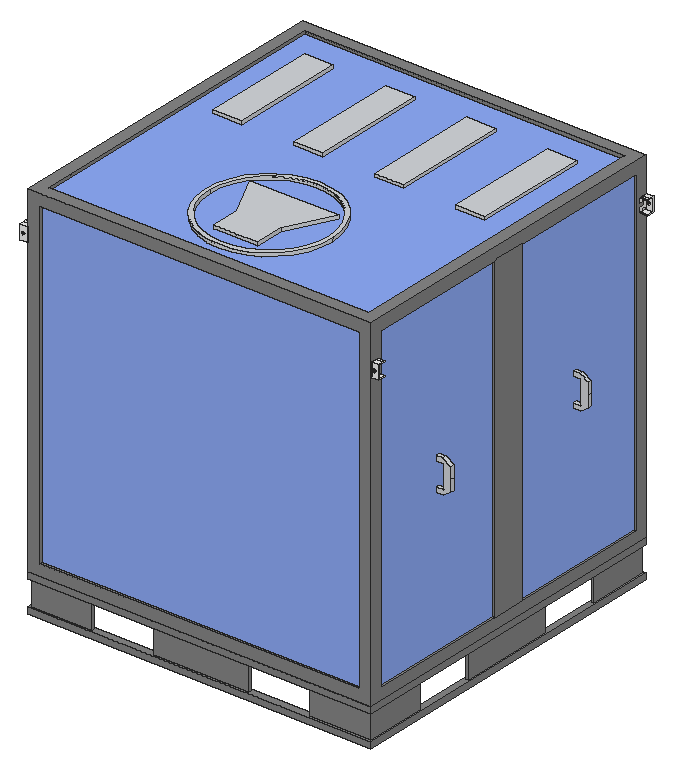
Revit family "11. Секция шумоглушения ANR H1", category Оборудование, Revit 2016
Family settings
  Тип детали = Нормальный
  Размер круглого соединителя = Использовать диаметр
  На основе рабочей плоскости = Нет
  Всегда вертикально = Да
  При загрузке вырезать с полостями = Нет
  Общий = Нет
  Точка расчета площади = Нет
Parameters (values of type "ANR 6 H1")
  №8 = no
  №7 = no
  №6 = yes
  №45 = no
  №40 = no
  №35 = no
  №30 = no
  №25 = no
  №12 = no
  Ширина = А - 75 mm  # 1025 mm
  Синий = Синий
  Середина = h + Б1 / 2  # 670 mm
  Д1 = Д - 20 mm  # 1080 mm
  Д = 1100 mm  # constant formula
  ножки(да/нет) [instance] = no
  Высота = Б - 75 mm  # 1025 mm
  Б1 = Б - 20 mm  # 1080 mm
  А1 = А - 20 mm  # 1080 mm
  А = 1100 mm
  высота ножек = 120 mm
  Б = 1100 mm
  Частотный преобразователь [instance] = no
  Частота вращения n, об/мин = ""
  Тип, марка, обозначение = "ANR 6 H1"
  Сила тока J, А = ""
  Регулятор расхода [instance] = no
  Раздел = "ОВ"
  Примечание = ""
  Позиция = ""
  Напряжение U,В = ""
  Наименование и тех.хар-ка = "Секция шумоглушения"  # constant formula
  Мощность двигателя N,Вт = ""
  Материал = Сталь серая
  Масса единицы = ""
  Код, оборудования = ""
  Ключевая пометка = "Вентиляция"
  Задание электрикам [instance] = no
  Задание автоматчикам [instance] = no
  Завод изготовитель = "KORF"  # constant formula
  Единица измерения = "шт."  # constant formula
  h = высота ножек + 10 mm  # 130 mm
  №20 = no
Reference planes
  plane 1 "По центру (Вперед/Назад)": y = 0
  plane 2: z = 0
  plane 3 "По центру (Влево/Вправо)": x = 0
  plane 4: x = -540
  plane 5: x = 540
  plane 6: y = 540
  plane 7: y = -540
  plane 8: z = 1210
  plane 9: z = 130
  plane 10: y = -152
  plane 11: z = 670
  plane 12: y = 52.808
  plane 13: y = -52.808
  plane 14: y = 270
  plane 15: y = -270
  plane 16: z = 1110
  plane 17: x = 574.5
  plane 18: x = 590
Forms (mm)
  Extrusion 1, solid, material "Синий" <- "Синий", detail levels fine
    sketch origin (0, 0, 50) x (1, 0, 0) y (0, 1, 0)
      loop
        line (-540, 540) -> (-540, -540) -> (540, -540) -> (540, 540) -> (-540, 540)
    from 80 to 1160
  Sweep 2, solid, material "Сталь серая" <- "Материал", detail levels fine
    path origin (540, -540, 50) x (-1, 0, 0) y (0, 0, -1)
      loop
        line (0, -1160) -> (1080, -1160) -> (1080, -80) -> (0, -80) -> (0, -1160)
    profile "Профиль уголок 10х10 : Профиль уголок 10х10" origin (0, -540, 1210) x (0, 0, -1) y (0, -1, 0)
      loop
        line (0, -27.5) -> (0, 0) -> (27.5, 0) -> (27.5, 10) -> (-10, 10) -> (-10, -27.5) -> (0, -27.5)
  Sweep 3, solid, material "Сталь серая" <- "Материал", detail levels fine
    path origin (-540, 540, 50) x (1, 0, 0) y (0, 0, -1)
      loop
        line (0, -1160) -> (1080, -1160) -> (1080, -80) -> (0, -80) -> (0, -1160)
    profile "Профиль уголок 10х10 : Профиль уголок 10х10" origin (0, 540, 1210) x (0, 0, -1) y (0, 1, 0)
      loop
        line (0, -27.5) -> (0, 0) -> (27.5, 0) -> (27.5, 10) -> (-10, 10) -> (-10, -27.5) -> (0, -27.5)
  Sweep 4, solid, material "Сталь серая" <- "Материал", detail levels fine
    path origin (540, 540, 50) x (0, -1, 0) y (0, 0, -1)
      loop
        line (0, -1160) -> (1080, -1160) -> (1080, -80) -> (0, -80) -> (0, -1160)
    profile "Профиль уголок 10х10 : Профиль уголок 10х10" origin (540, 0, 1210) x (0, 0, -1) y (1, 0, 0)
      loop
        line (0, -27.5) -> (0, 0) -> (27.5, 0) -> (27.5, 10) -> (-10, 10) -> (-10, -27.5) -> (0, -27.5)
  Sweep 5, solid, material "Сталь серая" <- "Материал", detail levels fine
    path origin (-540, -540, 50) x (0, 1, 0) y (0, 0, -1)
      loop
        line (0, -1160) -> (1080, -1160) -> (1080, -80) -> (0, -80) -> (0, -1160)
    profile "Профиль уголок 10х10 : Профиль уголок 10х10" origin (-540, 0, 1210) x (0, 0, -1) y (-1, 0, 0)
      loop
        line (0, -27.5) -> (0, 0) -> (27.5, 0) -> (27.5, 10) -> (-10, 10) -> (-10, -27.5) -> (0, -27.5)
  Extrusion 6, void, not visible
    sketch origin (-345, -245, 50) x (0, -1, 0) y (0, 0, -1)
      loop
        line (-477.965, -475) -> (-477.965, -450) -> (-528.913, -450) -> (-528.913, -475) -> (-477.965, -475)
    from -47.452 to 12
  Sweep 7, solid, material "Сталь серая" <- "Материал", detail levels fine
    path origin (0, 0, 0) x (1, 0, 0) y (0, 1, 0)
      loop
        line (-540, 540) -> (-540, -540) -> (540, -540) -> (540, 540) -> (-540, 540)
    profile "Семейство1 : Семейство1" origin (0, 540, 0) x (0, 1, 0) y (0, 0, 1)
      loop
        line (-10, 120) -> (-10, 100) -> (-3.38, 100) -> (-3.38, 20) -> (-10, 20) -> (-10, 0) -> (10, 0) -> (10, 20) -> (3.38, 20) -> (3.38, 100) -> (10, 100) -> (10, 120) -> (-10, 120)
  Extrusion 8, void
    sketch origin (0, 0, 0) x (1, 0, 0) y (0, 0, 1)
      loop
        line (152.369, 100) -> (152.369, 20) -> (348.798, 20) -> (348.798, 100) -> (152.369, 100)
      loop
        line (-152.369, 100) -> (-348.798, 100) -> (-348.798, 20) -> (-152.369, 20) -> (-152.369, 100)
    from -550 to 550
  Extrusion 9, void
    sketch origin (0, 0, 0) x (0, 1, 0) y (0, 0, 1)
      loop
        line (-152.418, 100) -> (-348.655, 100) -> (-348.655, 20) -> (-152.418, 20) -> (-152.418, 100)
      loop
        line (152.418, 100) -> (152.418, 20) -> (348.655, 20) -> (348.655, 100) -> (152.418, 100)
    from -550 to 1700
  Extrusion 10, solid, material "Сталь серая" <- "Материал", detail levels fine
    sketch origin (560, 0, 0) x (0, 1, 0) y (0, 0, 1)
      loop
        line (-52.808, 1182.5) -> (-52.808, 157.5) -> (52.808, 157.5) -> (52.808, 1182.5) -> (-52.808, 1182.5)
    from -10 to -20
  Extrusion 11, solid, detail levels fine
    sketch origin (0, 0, 0) x (1, 0, 0) y (0, 1, 0)
      loop
        line (-440.347, 420.389) -> (-440.347, 52.808) -> (-347.692, 52.808) -> (-347.692, 420.389) -> (-440.347, 420.389)
      loop
        line (-180.347, 420.389) -> (-180.347, 52.808) -> (-87.692, 52.808) -> (-87.692, 420.389) -> (-180.347, 420.389)
      loop
        line (79.653, 420.389) -> (79.653, 52.808) -> (172.308, 52.808) -> (172.308, 420.389) -> (79.653, 420.389)
      loop
        line (339.653, 420.389) -> (339.653, 52.808) -> (432.308, 52.808) -> (432.308, 420.389) -> (339.653, 420.389)
      loop
        circle (0, -270.878) r 190.121
      loop
        circle (0, -270.878) r 203.182
      loop
        line (0, -403.146) -> (70, -403.146) -> (70, -313.146) -> (142.638, -170.585) -> (0, -170.585) -> (-142.638, -170.585) -> (-70, -313.146) -> (-70, -403.146) -> (0, -403.146)
    from 1210 to 1220
Cuts and joins
  joined: Sweep 2, Sweep 3, Sweep 4, Sweep 5
  Extrusion 8, Extrusion 9 cuts Sweep 7
Lines and regions (mm)
  model lines, detail levels coarse
    curve 1: line (-550, 550, 0) -> (550, 550, 0)
    curve 2: line (-550, -550, 0) -> (-550, 550, 0)
    curve 3: line (550, -550, 0) -> (-550, -550, 0)
    curve 4: line (550, 550, 0) -> (550, -550, 0)
    curve 5: line (-431.873, 458.431, 0) -> (-351.873, 458.431, 0)
    curve 6: line (-431.873, -101.569, 0) -> (-431.873, 458.431, 0)
    curve 7: line (-351.873, -101.569, 0) -> (-431.873, -101.569, 0)
    curve 8: line (-351.873, 458.431, 0) -> (-351.873, -101.569, 0)
    curve 9: line (-278.071, 458.431, 0) -> (-199.461, 458.431, 0)
    curve 10: line (-278.071, -101.569, 0) -> (-278.071, 458.431, 0)
    curve 11: line (-199.461, -101.569, 0) -> (-278.071, -101.569, 0)
    curve 12: line (-199.461, 458.431, 0) -> (-199.461, -101.569, 0)
    curve 13: line (-125.66, 458.431, 0) -> (-47.05, 458.431, 0)
    curve 14: line (-125.66, -101.569, 0) -> (-125.66, 458.431, 0)
    curve 15: line (-47.05, -101.569, 0) -> (-125.66, -101.569, 0)
    curve 16: line (-47.05, 458.431, 0) -> (-47.05, -101.569, 0)
    curve 17: line (431.873, 458.431, 0) -> (351.873, 458.431, 0)
    curve 18: line (431.873, -101.569, 0) -> (431.873, 458.431, 0)
    curve 19: line (351.873, -101.569, 0) -> (431.873, -101.569, 0)
    curve 20: line (351.873, 458.431, 0) -> (351.873, -101.569, 0)
    curve 21: line (278.071, 458.431, 0) -> (199.461, 458.431, 0)
    curve 22: line (278.071, -101.569, 0) -> (278.071, 458.431, 0)
    curve 23: line (199.461, -101.569, 0) -> (278.071, -101.569, 0)
    curve 24: line (199.461, 458.431, 0) -> (199.461, -101.569, 0)
    curve 25: line (125.66, 458.431, 0) -> (47.05, 458.431, 0)
    curve 26: line (125.66, -101.569, 0) -> (125.66, 458.431, 0)
    curve 27: line (47.05, -101.569, 0) -> (125.66, -101.569, 0)
    curve 28: line (47.05, 458.431, 0) -> (47.05, -101.569, 0)
    curve 29: circle (0, -291.159, 0) r 185 normal (0, 0, 1)
    curve 30: line (-154.765, -189.804, 0) -> (154.765, -189.804, 0)
    curve 31: line (-70, -427.418, 0) -> (0, -427.418, 0)
    curve 32: line (0, -427.418, 0) -> (70, -427.418, 0)
    curve 33: line (70, -427.418, 0) -> (70, -326.19, 0)
    curve 34: line (70, -326.19, 0) -> (154.765, -189.804, 0)
    curve 35: line (-70, -427.418, 0) -> (-70, -326.19, 0)
    curve 36: line (-70, -326.19, 0) -> (-154.765, -189.804, 0)
  model lines, not visible, detail levels coarse
    curve 37: line (-431.873, 474.312, -2420) -> (-351.873, 474.312, -2420)
    curve 38: line (-431.873, -85.688, -2420) -> (-431.873, 474.312, -2420)
    curve 39: line (-351.873, -85.688, -2420) -> (-431.873, -85.688, -2420)
    curve 40: line (-351.873, 474.312, -2420) -> (-351.873, -85.688, -2420)
    curve 41: line (-278.071, 474.312, -2420) -> (-199.461, 474.312, -2420)
    curve 42: line (-278.071, -85.688, -2420) -> (-278.071, 474.312, -2420)
    curve 43: line (-199.461, -85.688, -2420) -> (-278.071, -85.688, -2420)
    curve 44: line (-199.461, 474.312, -2420) -> (-199.461, -85.688, -2420)
    curve 45: line (-125.66, 474.312, -2420) -> (-47.05, 474.312, -2420)
    curve 46: line (-125.66, -85.688, -2420) -> (-125.66, 474.312, -2420)
    curve 47: line (-47.05, -85.688, -2420) -> (-125.66, -85.688, -2420)
    curve 48: line (-47.05, 474.312, -2420) -> (-47.05, -85.688, -2420)
    curve 49: line (431.873, 474.312, -2420) -> (351.873, 474.312, -2420)
    curve 50: line (431.873, -85.688, -2420) -> (431.873, 474.312, -2420)
    curve 51: line (351.873, -85.688, -2420) -> (431.873, -85.688, -2420)
    curve 52: line (351.873, 474.312, -2420) -> (351.873, -85.688, -2420)
    curve 53: line (278.071, 474.312, -2420) -> (199.461, 474.312, -2420)
    curve 54: line (278.071, -85.688, -2420) -> (278.071, 474.312, -2420)
    curve 55: line (199.461, -85.688, -2420) -> (278.071, -85.688, -2420)
    curve 56: line (199.461, 474.312, -2420) -> (199.461, -85.688, -2420)
    curve 57: line (125.66, 474.312, -2420) -> (47.05, 474.312, -2420)
    curve 58: line (125.66, -85.688, -2420) -> (125.66, 474.312, -2420)
    curve 59: line (47.05, -85.688, -2420) -> (125.66, -85.688, -2420)
    curve 60: line (47.05, 474.312, -2420) -> (47.05, -85.688, -2420)
    curve 61: circle (0, -275.277, -2420) r 185 normal (0, 0, 1)
    curve 62: line (-154.765, -173.922, -2420) -> (154.765, -173.922, -2420)
    curve 63: line (-70, -411.537, -2420) -> (0, -411.537, -2420)
    curve 64: line (0, -411.537, -2420) -> (70, -411.537, -2420)
    curve 65: line (70, -411.537, -2420) -> (70, -310.308, -2420)
    curve 66: line (70, -310.308, -2420) -> (154.765, -173.922, -2420)
    curve 67: line (-70, -411.537, -2420) -> (-70, -310.308, -2420)
    curve 68: line (-70, -310.308, -2420) -> (-154.765, -173.922, -2420)
Dimensions and locks
  equal spacing: plane 6, plane 1 "По центру (Вперед/Назад)", plane 7
  "Д1": plane 6 to plane 7
  equal spacing: plane 4, plane 3 "По центру (Влево/Вправо)", plane 5
  "А1": plane 4 to plane 5
  "h": plane 9 to level
  "Б1": plane 8 to plane 9
  cut or joined group of Sweep 2, Sweep 3, Sweep 4, Sweep 5 to level = 120 mm
  locked: plane 3 "По центру (Влево/Вправо)" to cut or joined group of Sweep 7, Extrusion 8, Extrusion 9 at 152.369
  locked: cut or joined group of Sweep 7, Extrusion 8, Extrusion 9 to plane 3 "По центру (Влево/Вправо)" at 152.369
  locked: plane 1 "По центру (Вперед/Назад)" to plane 10 at 152
  "Середина": plane 11 to level
  locked: plane 11 to nested 2 at 55.342
  equal spacing: Extrusion 10 sketch curve, plane 1 "По центру (Вперед/Назад)", Extrusion 10 sketch curve
  plane 13 to plane 1 "По центру (Вперед/Назад)" to plane 12 = 52.808 mm locked, 52.808 mm locked
  plane 15 to plane 1 "По центру (Вперед/Назад)" to plane 14 = 270 mm, 270 mm
  locked: plane 8 to plane 16 at 100
  plane 17 to Extrusion 10 = 34.5 mm
  locked: plane 18 to plane 5 at 50
  equal spacing: plane 1 "По центру (Вперед/Назад)", plane 15, plane 7
  equal spacing: plane 6, plane 14, plane 1 "По центру (Вперед/Назад)"
  plane 8 to plane 9 = 1080 mm
  aligned and locked: level to plane 2
  aligned and locked: plane 6 to Extrusion 1
  aligned and locked: Extrusion 1 to plane 5
  aligned and locked: Extrusion 1 to plane 7
  aligned and locked: Extrusion 1 to plane 4
  aligned and locked: plane 8 to Extrusion 1
  aligned and locked: Extrusion 1 to plane 9
  aligned and locked: Sweep 4 sketch curve to Extrusion 1  (x2)
  aligned and locked: Sweep 5 sketch curve to Extrusion 1  (x2)
  aligned and locked: Sweep 7 sketch curve to Extrusion 1  (x4)
  aligned and locked: Sweep 7 to Extrusion 8  (x2)
  aligned and locked: cut or joined group of Sweep 2, Sweep 3, Sweep 4, Sweep 5 to Extrusion 9
  aligned and locked: Extrusion 10 to cut or joined group of Sweep 2, Sweep 3, Sweep 4, Sweep 5  (x2)
  aligned and locked: Extrusion 10 to plane 12
  aligned and locked: plane 13 to Extrusion 10
  aligned and locked: nested 2 to plane 14
  aligned and locked: plane 15 to nested 3  (x2)
  aligned and locked: nested 4 to cut or joined group of Sweep 2, Sweep 3, Sweep 4, Sweep 5  (x2)
  aligned and locked: plane 16 to nested 4
  aligned and locked: nested 5 to plane 16
  aligned and locked: cut or joined group of Sweep 2, Sweep 3, Sweep 4, Sweep 5 to nested 5  (x2)
  aligned and locked: cut or joined group of Sweep 2, Sweep 3, Sweep 4, Sweep 5 to nested 4
  aligned and locked: cut or joined group of Sweep 2, Sweep 3, Sweep 4, Sweep 5 to nested 7
  aligned and locked: nested 6 to cut or joined group of Sweep 2, Sweep 3, Sweep 4, Sweep 5
  aligned and locked: plane 16 to nested 7
  aligned and locked: nested 6 to plane 16
  aligned and locked: nested 3 to nested 2
  aligned and locked: cut or joined group of Sweep 2, Sweep 3, Sweep 4, Sweep 5 to Extrusion 10
  aligned and locked: Extrusion 10 to Extrusion 1
  aligned and locked: nested 3 to plane 18
  aligned and locked: plane 18 to nested 2
  aligned and locked: nested 7 to cut or joined group of Sweep 2, Sweep 3, Sweep 4, Sweep 5
  aligned and locked: cut or joined group of Sweep 2, Sweep 3, Sweep 4, Sweep 5 to nested 6
  aligned and locked: plane 14 to nested 2
  aligned and locked: curve 1 to cut or joined group of Sweep 7, Extrusion 8, Extrusion 9
  aligned and locked: curve 2 to cut or joined group of Sweep 7, Extrusion 8, Extrusion 9
  aligned and locked: curve 3 to cut or joined group of Sweep 2, Sweep 3, Sweep 4, Sweep 5
  aligned and locked: curve 4 to cut or joined group of Sweep 2, Sweep 3, Sweep 4, Sweep 5
  aligned and locked: plane 7 to nested 8
  aligned and locked: plane 9 to nested 8
  aligned and locked: plane 7 to nested 9
  aligned and locked: plane 7 to nested 10
  aligned and locked: plane 9 to nested 10
  aligned and locked: plane 9 to nested 9
  aligned and locked: nested 11 to plane 6
  aligned and locked: plane 9 to nested 11
  aligned and locked: nested 12 to plane 6
  aligned and locked: plane 9 to nested 12
  aligned and locked: nested 13 to plane 6
  aligned and locked: plane 9 to nested 13
  aligned and locked: plane 7 to nested 14
  aligned and locked: plane 9 to nested 14
  aligned and locked: nested 15 to plane 6
  aligned and locked: plane 9 to nested 15
  aligned and locked: plane 7 to nested 16
  aligned and locked: plane 9 to nested 16
  aligned and locked: plane 7 to nested 17
  aligned and locked: plane 9 to nested 17
  aligned and locked: cut or joined group of Sweep 2, Sweep 3, Sweep 4, Sweep 5 to Extrusion 11
Automatic sketch dimensions
  Extrusion 6 sketch curve to Extrusion 6 sketch curve = 50.949 mm
  Extrusion 6 sketch curve to Extrusion 6 sketch curve = 25 mm
  Extrusion 1 sketch curve to plane 4 = 0 mm
  Extrusion 1 sketch curve to plane 5 = 0 mm
  Extrusion 1 sketch curve to plane 7 = 0 mm
  Extrusion 1 sketch curve to plane 6 = 0 mm
  Sweep 2 sketch curve to Extrusion 1 = 0 mm  (x4)
  Sweep 3 sketch curve to Extrusion 1 = 0 mm  (x3)
  Extrusion 1 to Sweep 3 sketch curve = 0 mm
  Sweep 4 sketch curve to Extrusion 1 = 0 mm  (x2)
  Sweep 5 sketch curve to Extrusion 1 = 0 mm  (x2)
  Extrusion 8 sketch curve to plane 9 = 30 mm  (x2)
  plane 4 to Extrusion 8 sketch curve = 191.202 mm
  level to Extrusion 8 sketch curve = 20 mm  (x2)
  Extrusion 8 sketch curve to plane 3 "По центру (Влево/Вправо)" = 152.369 mm
  plane 3 "По центру (Влево/Вправо)" to Extrusion 8 sketch curve = 152.369 mm
  Extrusion 8 sketch curve to plane 5 = 191.202 mm
  Extrusion 9 sketch curve to plane 9 = 30 mm  (x2)
  plane 15 to Extrusion 9 sketch curve = 78.655 mm
  Extrusion 9 sketch curve to plane 10 = 0.418 mm
  Extrusion 9 sketch curve to plane 12 = 99.611 mm
  plane 14 to Extrusion 9 sketch curve = 78.655 mm
  level to Extrusion 9 sketch curve = 20 mm  (x2)
  Extrusion 10 sketch curve to plane 13 = 0 mm
  plane 9 to Extrusion 10 sketch curve = 27.5 mm
  Extrusion 10 sketch curve to plane 8 = 27.5 mm
  Extrusion 11 sketch curve to Extrusion 11 sketch curve = 0 mm  (x2)
  plane 12 to Extrusion 11 sketch curve = 0 mm  (x4)
  Extrusion 11 sketch curve to plane 3 "По центру (Влево/Вправо)" = 0 mm  (x3)
  Extrusion 11 sketch curve to plane 3 "По центру (Влево/Вправо)" = 70 mm
  Extrusion 11 sketch curve to plane 3 "По центру (Влево/Вправо)" = 87.692 mm
  Extrusion 11 sketch curve to plane 3 "По центру (Влево/Вправо)" = 142.638 mm
  Extrusion 11 sketch curve to Extrusion 11 sketch curve = 92.656 mm  (x4)
  Extrusion 11 sketch curve to Extrusion 11 sketch curve = 167.344 mm  (x2)
  Extrusion 11 sketch curve to Extrusion 11 sketch curve = 70 mm
  plane 3 "По центру (Влево/Вправо)" to Extrusion 11 sketch curve = 79.653 mm
  plane 3 "По центру (Влево/Вправо)" to Extrusion 11 sketch curve = 142.638 mm
  Extrusion 11 sketch curve to plane 15 = 99.415 mm
  plane 15 to Extrusion 11 sketch curve = 0.878 mm
  plane 15 to Extrusion 11 sketch curve = 43.146 mm  (x2)
  Extrusion 11 sketch curve to Extrusion 11 sketch curve = 90 mm
  Extrusion 11 sketch curve to plane 6 = 119.611 mm  (x4)
  radius of Extrusion 11 sketch curve = 190.121 mm
  radius of Extrusion 11 sketch curve = 203.182 mm
Nested families
  nested 1: "крепление 15мм" at (-330, 229.965, 495), type "крепление 15мм", not visible
  nested 2: "Ручка" at (552.018, 280, 672.366), type "Ручка", detail levels fine
  nested 3: "Ручка" at (552.018, -280, 672.366), type "Ручка", detail levels fine
  nested 4: "крепеж" at (574.5, -550, 1065.175) x (-1, 0, 0) z (0, 0, 1), type "крепеж", detail levels fine
  nested 5: "крепеж" at (574.5, 550, 1065.175) x (-1, 0, 0) z (0, 0, 1), type "крепеж", detail levels fine
  nested 6: "крепеж" at (-574.5, -550, 1065.175), type "крепеж", detail levels fine
  nested 7: "крепеж" at (-574.5, 550, 1065.175), type "крепеж", detail levels fine
  nested 8: "УГО шумоглушитель №6у (разрез)" at (0, 0, 130) x (0, 1, 0) z (0, 0, 1), длина <- "Д1", высота <- "Б1", visible <- "№6", type "УГО шумоглушитель №6у (разрез)", detail levels medium
    with длина 1080 mm, высота 1080 mm, Ширина 410 mm
  nested 9: "УГО шумоглушитель №7у (разрез)" at (0, 0, 130) x (0, 1, 0) z (0, 0, 1), длина <- "Д1", высота <- "Б1", visible <- "№7", type "УГО шумоглушитель №7у (разрез)", detail levels medium
    with длина 1080 mm, высота 1080 mm, Ширина 410 mm
  nested 10: "УГО шумоглушитель №8у (разрез)" at (0, 0, 130) x (0, 1, 0) z (0, 0, 1), visible <- "№8", длина <- "Д1", высота <- "Б1", type "УГО шумоглушитель №8у (разрез)", detail levels medium
    with длина 1080 mm, высота 1080 mm, Ширина 410 mm
  nested 11: "УГО шумоглушитель №12у (разрез)" at (0, 0, 130) x (0, 1, 0) z (0, 0, 1), visible <- "№12", длина <- "Д1", высота <- "Б1", type "УГО шумоглушитель №12у (разрез)", detail levels medium
    with длина 1080 mm, высота 1080 mm, Ширина 410 mm
  nested 12: "УГО шумоглушитель №20у (разрез)" at (0, 0, 130) x (0, 1, 0) z (0, 0, 1), длина <- "Д1", высота <- "Б1", visible <- "№20", type "УГО шумоглушитель №20у (разрез)", detail levels medium
    with длина 1080 mm, высота 1080 mm, Ширина 410 mm
  nested 13: "УГО шумоглушитель №25у (разрез)" at (0, 0, 130) x (0, 1, 0) z (0, 0, 1), длина <- "Д1", высота <- "Б1", visible <- "№25", type "УГО шумоглушитель №25у (разрез)", detail levels medium
    with длина 1080 mm, высота 1080 mm, Ширина 410 mm
  nested 14: "УГО шумоглушитель №30у (разрез)" at (0, 0, 130) x (0, 1, 0) z (0, 0, 1), длина <- "Д1", высота <- "Б1", visible <- "№30", type "УГО шумоглушитель №30у (разрез)", detail levels medium
    with длина 1080 mm, высота 1080 mm, Ширина 410 mm
  nested 15: "УГО шумоглушитель №35у (разрез)" at (0, 0, 130) x (0, 1, 0) z (0, 0, 1), длина <- "Д1", высота <- "Б1", visible <- "№35", type "УГО шумоглушитель №35у (разрез)", detail levels medium
    with длина 1080 mm, высота 1080 mm, Ширина 0 mm
  nested 16: "УГО шумоглушитель №40у (разрез)" at (0, 0, 130) x (0, 1, 0) z (0, 0, 1), длина <- "Д1", высота <- "Б1", visible <- "№40", type "УГО шумоглушитель №40у (разрез)", detail levels medium
    with длина 1080 mm, высота 1080 mm, Ширина 410 mm
  nested 17: "УГО шумоглушитель №45у (разрез)" at (0, 0, 130) x (0, 1, 0) z (0, 0, 1), visible <- "№45", длина <- "Д1", высота <- "Б1", type "УГО шумоглушитель №45у (разрез)", detail levels medium
    with длина 1080 mm, высота 1080 mm, Ширина 410 mm
Connectors
  hvac at (0, -550, 670), driven by "Высота", driven by "Ширина"
    settings: on cut or joined group of Sweep 2, Sweep 3, Sweep 4, Sweep 5, index 1, duct flow 0.0 L/s, flow factor 0, pres drop 0.0 Pa, loss coef 0, conn angle 0.00°, conn width 1025 mm, conn height 1025 mm, conn diameter 609.6 mm, duct sys type 28, conn prof type 1, flow config 0, flow direction 0, loss method 0, conn ref index 2, conn util no, is conn primary yes, conn desc ""
  hvac at (0, 550, 670), driven by "Ширина", driven by "Высота"
    settings: on cut or joined group of Sweep 2, Sweep 3, Sweep 4, Sweep 5, index 2, duct flow 0.0 L/s, flow factor 0, pres drop 0.0 Pa, loss coef 0, conn angle 0.00°, conn width 1025 mm, conn height 1025 mm, conn diameter 609.6 mm, duct sys type 28, conn prof type 1, flow config 0, flow direction 0, loss method 0, conn ref index 1, conn util no, is conn primary no, conn desc ""
Definition of nested family "крепление 15мм"
  Parameters (values of type "крепление 15мм")
    Материал крепления = none
  Reference planes
    plane 1 "По центру (Вперед/Назад)": y = 0
    plane 2: z = 0
    plane 3 "По центру (Влево/Вправо)": x = 0
  Forms (mm)
    Extrusion 1, solid, material <- "Материал крепления"
      sketch origin (0, 0, 0) x (1, 0, 0) y (0, 1, 0)
        loop
          line (-25, 0) -> (0, 0) -> (0, 18.31) -> (0, 25) -> (-3, 25) -> (-3, 3) -> (-25, 3) -> (-25, 0)
      from 0 to 30
    Extrusion 2, void
      sketch origin (0, 0, 0) x (1, 0, 0) y (0, 1, 0)
        loop
          line (-3, 3) -> (-3, 54.96) -> (-58, 54.96) -> (-58, 3) -> (-3, 3)
      from 0 to 15
  Cuts and joins
    Extrusion 2 cuts Extrusion 1
  Dimensions and locks
    Extrusion 1 sketch curve to Extrusion 1 sketch curve = 3 mm  (x2)
    Extrusion 1 sketch curve to Extrusion 1 sketch curve to plane 3 "По центру (Влево/Вправо)" = 25 mm, 0 mm
    Extrusion 1 sketch curve to Extrusion 1 sketch curve = 25 mm
    aligned and locked: level to plane 2
Definition of nested family "Ручка"
  Parameters (values of type "Ручка")
    материал ручки = none
  Reference planes
    plane 1 "По центру (Вперед/Назад)": y = 0
    plane 2: z = 0
    plane 3 "По центру (Влево/Вправо)": x = 0
    plane 4: x = -37.982
    plane 5: x = 37.982
  Forms (mm)
    Extrusion 1, solid, material <- "материал ручки", not visible
      sketch origin (-3.982, 0, -4.834) x (0, 0, 1) y (-1, 0, 0)
        loop
          line (-52.874, -42.815) -> (53.726, -42.815) -> (53.726, 8.783) -> (36.069, 34) -> (1.069, 34) -> (-36.069, 34) -> (-52.874, 10) -> (-52.874, -42.815)
      from 0 to 10
    Extrusion 2, void, not visible
      sketch origin (-3.982, 0, -4.834) x (0, 0, 1) y (-1, 0, 0)
        loop
          line (-37.219, -42.815) -> (37.781, -42.815) -> (37.781, 20.04) -> (-37.219, 20.04) -> (-37.219, -42.815)
      from 0 to 50
    Extrusion 3, solid, material <- "материал ручки"
      sketch origin (3.982, 0, -4.834) x (0, 0, 1) y (-1, 0, 0)
        loop
          line (-52.874, 42.815) -> (-52.874, -10) -> (-36.069, -34) -> (1.069, -34) -> (36.069, -34) -> (53.726, -8.783) -> (53.726, 42.815) -> (-52.874, 42.815)
      from 0 to 10
    Extrusion 4, void
      sketch origin (3.982, 0, -4.834) x (0, 0, 1) y (-1, 0, 0)
        loop
          line (-37.219, 42.815) -> (-37.219, -11.018) -> (37.781, -11.018) -> (37.781, 42.815) -> (-37.219, 42.815)
      from 0 to 50
  Cuts and joins
    Extrusion 4 cuts Extrusion 3
  Dimensions and locks
    aligned and locked: level to plane 2
Definition of nested family "крепеж"
  Parameters (values of type "крепеж")
    Материал крепежа = none
  Reference planes
    plane 1 "По центру (Вперед/Назад)": y = 0
    plane 2: z = 0
    plane 3 "По центру (Влево/Вправо)": x = 0
    plane 4: x = 24.5
    plane 5: z = 22.413
  Forms (mm)
    Extrusion 1, solid, material <- "Материал крепежа"
      sketch origin (0, 0, 0) x (0, 1, 0) y (0, 0, 1)
        loop
          line (0, 44.825) -> (-16.343, 44.825) -> (-24.468, 44.825) -> (-24.468, 42.95) -> (-1.968, 42.95) -> (-1.968, 1.657) -> (-24.468, 1.657) -> (-24.468, 0) -> (-16.343, 0) -> (0, 0) -> (0, 44.825)
      from 0 to 24.5
    Extrusion 2, void
      sketch origin (0.625, 0, -0.625) x (1, 0, 0) y (0, 0, 1)
        loop
          circle (11.121, 22.873) r 5
      from 0 to 250
    Extrusion 3, solid, material <- "Материал крепежа"
      sketch origin (0, 0, 0.175) x (1, 0, 0) y (0, 0, 1)
        loop
          line (24.5, 44.651) -> (22.651, 44.651) -> (22.651, -0.175) -> (24.5, -0.175) -> (24.5, 44.651)
      from 0 to 24.468
    Extrusion 4, void
      sketch origin (0, 0, 0) x (0, 1, 0) y (0, 0, 1)
        loop
          line (-24.468, 28.943) -> (-24.468, 15.882) -> (-9.468, 15.882) -> (-9.468, 28.943) -> (-24.468, 28.943)
      from 0 to 250
    Blend 5, solid
      base sketch origin (0, 0, 0) x (0, 1, 0) y (0, 0, 1)
        loop
          circle (-15.104, 36.823) r 4.161
      top sketch origin (0, 0, 0) x (0, 1, 0) y (0, 0, 1)
        loop
          circle (-15.104, 36.823) r 2.994
      from 22.651 to 19.241
    Blend 6, solid
      base sketch origin (0, 0, 44.825) x (0, 1, 0) y (0, 0, 1)
        loop
          circle (-15.104, -36.823) r 4.161
      top sketch origin (0, 0, 44.825) x (0, 1, 0) y (0, 0, 1)
        loop
          circle (-15.104, -36.823) r 2.994
      from 22.651 to 19.241
  Cuts and joins
    Extrusion 2, Extrusion 4 cuts Extrusion 1
    Extrusion 4 cuts Extrusion 3
    joined: Extrusion 1, Extrusion 3
  Dimensions and locks
    plane 3 "По центру (Влево/Вправо)" to plane 4 = 24.5 mm
    equal spacing: cut or joined group of Extrusion 1, Extrusion 2, Extrusion 3, Extrusion 4, plane 5, cut or joined group of Extrusion 1, Extrusion 2, Extrusion 3, Extrusion 4
    equal spacing: Extrusion 4 sketch curve, plane 5, Extrusion 4 sketch curve
    aligned and locked: level to plane 2
    aligned and locked: plane 4 to Extrusion 1
    aligned and locked: cut or joined group of Extrusion 1, Extrusion 2, Extrusion 3, Extrusion 4 to cut or joined group of Extrusion 1, Extrusion 2, Extrusion 3, Extrusion 4  (x3)
    aligned and locked: cut or joined group of Extrusion 1, Extrusion 2, Extrusion 3, Extrusion 4 to Blend 5
  Automatic sketch dimensions
    Extrusion 1 sketch curve to level = 0 mm
    Extrusion 1 sketch curve to plane 1 "По центру (Вперед/Назад)" = 0 mm
    plane 1 "По центру (Вперед/Назад)" to Extrusion 1 sketch curve = 1.968 mm
    Extrusion 1 sketch curve to Extrusion 1 sketch curve = 14.375 mm  (x2)
    level to Extrusion 1 sketch curve = 1.657 mm
    Extrusion 1 sketch curve to Extrusion 1 sketch curve = 8.125 mm  (x2)
    plane 5 to Extrusion 1 sketch curve = 20.538 mm
    Extrusion 1 sketch curve to Extrusion 1 sketch curve = 1.875 mm
    Extrusion 2 sketch curve to plane 5 = 0.165 mm
    plane 3 "По центру (Влево/Вправо)" to Extrusion 2 sketch curve = 11.746 mm
    Extrusion 3 sketch curve to level = 0 mm
    Extrusion 3 sketch curve to plane 4 = 0 mm
    Extrusion 3 sketch curve to Extrusion 3 sketch curve = 1.849 mm
    plane 5 to Extrusion 3 sketch curve = 22.413 mm
    Extrusion 4 sketch curve to plane 5 = 6.531 mm
    plane 1 "По центру (Вперед/Назад)" to Extrusion 4 sketch curve = 24.468 mm
    plane 1 "По центру (Вперед/Назад)" to Extrusion 4 sketch curve = 9.468 mm
    plane 1 "По центру (Вперед/Назад)" to Blend 5 sketch curve = 15.104 mm  (x2)
    plane 5 to Blend 5 sketch curve = 14.41 mm  (x2)
    Blend 6 sketch curve to plane 1 "По центру (Вперед/Назад)" = 15.104 mm  (x2)
    Blend 6 sketch curve to level = 8.002 mm  (x2)
    radius of Extrusion 2 sketch curve = 5 mm
    radius of Blend 5 sketch curve = 4.161 mm
    radius of Blend 5 sketch curve = 2.994 mm
    radius of Blend 6 sketch curve = 4.161 mm
    radius of Blend 6 sketch curve = 2.994 mm
Definition of nested family "УГО шумоглушитель №6у (разрез)"
  Parameters (values of type "УГО шумоглушитель №6у (разрез)")
    длина [instance] = 1000 mm
    высота [instance] = 1000 mm
    Ширина [instance] = 410 mm
    Частота вращения n, об/мин = ""
    Тип, марка, обозначение = ""
    Сила тока J, А = ""
    Раздел = ""
    Примечание = ""
    Позиция = ""
    Default Elevation = 1219.2 mm
    Напряжение U,В = ""
    Наименование и тех.хар-ка = ""
    Мощность двигателя N,Вт = ""
    Материал = none
    Масса единицы = ""
    Код, оборудования = ""
    Keynote = ""
    Завод изготовитель = ""
    Единица измерения = ""
    Диаметр = 110 mm
  Reference planes
    plane 1 "По центру (Вперед/Назад)": y = 0
    plane 2: z = 0
    plane 3 "По центру (Влево/Вправо)": x = 0
    plane 4: z = 1000
    plane 5: x = 500
    plane 6: x = -500
    plane 7: z = 500
  Lines and regions (mm)
    model lines
      curve 1: line (-500, 0, 0) -> (500, 0, 0)
      curve 2: line (-500, 0, 1000) -> (-500, 0, 0)
      curve 3: line (500, 0, 1000) -> (-500, 0, 1000)
      curve 4: line (500, 0, 0) -> (500, 0, 1000)
      curve 5: circle (-343.972, 0, 498.336) r 90 normal (0, -1, 0)
      curve 6: line (-402.419, 0, 498.336) -> (-402.419, 0, 463.336)
      curve 7: line (-402.419, 0, 463.336) -> (-357.419, 0, 463.336)
      curve 8: line (-357.419, 0, 463.336) -> (-301.703, 0, 429.859)
      curve 9: line (-301.703, 0, 429.859) -> (-301.703, 0, 498.336)
      curve 10: line (-402.419, 0, 498.336) -> (-402.419, 0, 533.336)
      curve 11: line (-402.419, 0, 533.336) -> (-357.419, 0, 533.336)
      curve 12: line (-357.419, 0, 533.336) -> (-301.703, 0, 566.814)
      curve 13: line (-301.703, 0, 566.814) -> (-301.703, 0, 498.336)
      curve 56: line (-92.337, 0, 893.044) -> (427.663, 0, 893.044)
      curve 57: line (-92.337, 0, 773.044) -> (-92.337, 0, 893.044)
      curve 58: line (427.663, 0, 773.044) -> (-92.337, 0, 773.044)
      curve 59: line (427.663, 0, 893.044) -> (427.663, 0, 773.044)
      curve 60: line (-92.337, 0, 673.044) -> (427.663, 0, 673.044)
      curve 61: line (-92.337, 0, 553.044) -> (-92.337, 0, 673.044)
      curve 62: line (427.663, 0, 553.044) -> (-92.337, 0, 553.044)
      curve 63: line (427.663, 0, 673.044) -> (427.663, 0, 553.044)
      curve 64: line (-92.337, 0, 453.044) -> (427.663, 0, 453.044)
      curve 65: line (-92.337, 0, 333.044) -> (-92.337, 0, 453.044)
      curve 66: line (427.663, 0, 333.044) -> (-92.337, 0, 333.044)
      curve 67: line (427.663, 0, 453.044) -> (427.663, 0, 333.044)
      curve 68: line (-92.337, 0, 233.044) -> (427.663, 0, 233.044)
      curve 69: line (-92.337, 0, 113.044) -> (-92.337, 0, 233.044)
      curve 70: line (427.663, 0, 113.044) -> (-92.337, 0, 113.044)
      curve 71: line (427.663, 0, 233.044) -> (427.663, 0, 113.044)
    model lines, not visible
      curve 14: line (-155.067, 0, 325.022) -> (464.933, 0, 325.022)
      curve 15: line (-155.067, 0, 305.022) -> (-155.067, 0, 325.022)
      curve 16: line (464.933, 0, 305.022) -> (-155.067, 0, 305.022)
      curve 17: line (464.933, 0, 325.022) -> (464.933, 0, 305.022)
      curve 18: line (-155.067, 0, 275.022) -> (464.933, 0, 275.022)
      curve 19: line (-155.067, 0, 255.022) -> (-155.067, 0, 275.022)
      curve 20: line (464.933, 0, 255.022) -> (-155.067, 0, 255.022)
      curve 21: line (464.933, 0, 275.022) -> (464.933, 0, 255.022)
      curve 22: line (-155.067, 0, 220.022) -> (464.933, 0, 220.022)
      curve 23: line (-155.067, 0, 200.022) -> (-155.067, 0, 220.022)
      curve 24: line (464.933, 0, 200.022) -> (-155.067, 0, 200.022)
      curve 25: line (464.933, 0, 220.022) -> (464.933, 0, 200.022)
      curve 26: line (-155.067, 0, 24.978) -> (464.933, 0, 24.978)
      curve 27: line (-155.067, 0, 44.978) -> (-155.067, 0, 24.978)
      curve 28: line (464.933, 0, 44.978) -> (-155.067, 0, 44.978)
      curve 29: line (464.933, 0, 24.978) -> (464.933, 0, 44.978)
      curve 30: line (-155.067, 0, 74.978) -> (464.933, 0, 74.978)
      curve 31: line (-155.067, 0, 94.978) -> (-155.067, 0, 74.978)
      curve 32: line (464.933, 0, 94.978) -> (-155.067, 0, 94.978)
      curve 33: line (464.933, 0, 74.978) -> (464.933, 0, 94.978)
      curve 34: line (-155.067, 0, 129.978) -> (464.933, 0, 129.978)
      curve 35: line (-155.067, 0, 149.978) -> (-155.067, 0, 129.978)
      curve 36: line (464.933, 0, 149.978) -> (-155.067, 0, 149.978)
      curve 37: line (464.933, 0, 129.978) -> (464.933, 0, 149.978)
      curve 38: circle (-331.553, 0, 175) r 90 normal (0, -1, 0)
      curve 39: line (-390, 0, 175) -> (-390, 0, 140)
      curve 40: line (-390, 0, 140) -> (-345, 0, 140)
      curve 41: line (-345, 0, 140) -> (-289.284, 0, 106.523)
      curve 42: line (-289.284, 0, 106.523) -> (-289.284, 0, 175)
      curve 43: line (-390, 0, 175) -> (-390, 0, 210)
      curve 44: line (-390, 0, 210) -> (-345, 0, 210)
      curve 45: line (-345, 0, 210) -> (-289.284, 0, 243.477)
      curve 46: line (-289.284, 0, 243.477) -> (-289.284, 0, 175)
      curve 47: circle (-328.972, 0, 438.336) r 90 normal (0, -1, 0)
      curve 48: line (-387.419, 0, 438.336) -> (-387.419, 0, 403.336)
      curve 49: line (-387.419, 0, 403.336) -> (-342.419, 0, 403.336)
      curve 50: line (-342.419, 0, 403.336) -> (-286.703, 0, 369.859)
      curve 51: line (-286.703, 0, 369.859) -> (-286.703, 0, 438.336)
      curve 52: line (-387.419, 0, 438.336) -> (-387.419, 0, 473.336)
      curve 53: line (-387.419, 0, 473.336) -> (-342.419, 0, 473.336)
      curve 54: line (-342.419, 0, 473.336) -> (-286.703, 0, 506.814)
      curve 55: line (-286.703, 0, 506.814) -> (-286.703, 0, 438.336)
      curve 72: line (-77.337, 0, 833.044) -> (442.663, 0, 833.044)
      curve 73: line (-77.337, 0, 713.044) -> (-77.337, 0, 833.044)
      curve 74: line (442.663, 0, 713.044) -> (-77.337, 0, 713.044)
      curve 75: line (442.663, 0, 833.044) -> (442.663, 0, 713.044)
      curve 76: line (-77.337, 0, 613.044) -> (442.663, 0, 613.044)
      curve 77: line (-77.337, 0, 493.044) -> (-77.337, 0, 613.044)
      curve 78: line (442.663, 0, 493.044) -> (-77.337, 0, 493.044)
      curve 79: line (442.663, 0, 613.044) -> (442.663, 0, 493.044)
      curve 80: line (-77.337, 0, 393.044) -> (442.663, 0, 393.044)
      curve 81: line (-77.337, 0, 273.044) -> (-77.337, 0, 393.044)
      curve 82: line (442.663, 0, 273.044) -> (-77.337, 0, 273.044)
      curve 83: line (442.663, 0, 393.044) -> (442.663, 0, 273.044)
      curve 84: line (-77.337, 0, 173.044) -> (442.663, 0, 173.044)
      curve 85: line (-77.337, 0, 53.044) -> (-77.337, 0, 173.044)
      curve 86: line (442.663, 0, 53.044) -> (-77.337, 0, 53.044)
      curve 87: line (442.663, 0, 173.044) -> (442.663, 0, 53.044)
  Dimensions and locks
    equal spacing: plane 5, plane 3 "По центру (Влево/Вправо)", plane 6
    "длина": plane 5 to plane 6
    "высота": plane 4 to level
    equal spacing: plane 4, plane 7, plane 2
    aligned and locked: level to plane 2
  Automatic sketch dimensions
    curve 3 to plane 4 = 0 mm
    curve 3 to plane 6 = 0 mm
    curve 3 to plane 5 = 0 mm
    curve 1 to level = 0 mm
    curve 6 to curve 8 = 45 mm
    curve 10 to curve 11 = 45 mm
    curve 11 to curve 5 = 13.447 mm
    curve 7 to curve 8 = 55.716 mm
    curve 8 to curve 70 = 209.367 mm
    curve 66 to curve 68 = 0 mm  (x2)
    curve 57 to curve 60 = 0 mm
    curve 61 to curve 62 = 520 mm
    curve 59 to curve 60 = 0 mm
    curve 62 to curve 64 = 0 mm
    curve 69 to curve 69 = 120 mm
    curve 68 to curve 66 = 100 mm
    curve 65 to curve 65 = 120 mm
    curve 9 to curve 64 = 23.185 mm
    curve 8 to curve 7 = 33.477 mm
    curve 64 to curve 62 = 100 mm
    curve 7 to curve 13 = 35 mm
    curve 7 to curve 5 = 35 mm
    curve 6 to curve 10 = 35 mm
    curve 5 to curve 12 = 35 mm
    curve 11 to curve 13 = 33.477 mm
    curve 62 to curve 60 = 120 mm
    curve 60 to curve 58 = 100 mm
    curve 58 to curve 56 = 120 mm
    curve 48 to curve 50 = 45 mm
    curve 52 to curve 53 = 45 mm
    curve 53 to curve 47 = 13.447 mm
    curve 49 to curve 50 = 55.716 mm
    curve 50 to curve 86 = 209.367 mm
    curve 82 to curve 84 = 0 mm  (x2)
    curve 73 to curve 76 = 0 mm
    curve 77 to curve 78 = 520 mm
    curve 75 to curve 76 = 0 mm
    curve 78 to curve 80 = 0 mm
    curve 85 to curve 85 = 120 mm
    curve 84 to curve 82 = 100 mm
    curve 81 to curve 81 = 120 mm
    curve 51 to curve 80 = 23.185 mm
    curve 50 to curve 49 = 33.477 mm
    curve 80 to curve 78 = 100 mm
    curve 49 to curve 55 = 35 mm
    curve 49 to curve 47 = 35 mm
    curve 48 to curve 52 = 35 mm
    curve 47 to curve 54 = 35 mm
    curve 53 to curve 55 = 33.477 mm
    curve 78 to curve 76 = 120 mm
    curve 76 to curve 74 = 100 mm
    curve 74 to curve 72 = 120 mm
    curve 12 to curve 56 = 209.367 mm
    curve 54 to curve 72 = 209.367 mm
    radius of curve 5 = 90 mm
    radius of curve 47 = 90 mm
Definition of nested family "УГО шумоглушитель №7у (разрез)"
  Parameters (values of type "УГО шумоглушитель №7у (разрез)")
    длина [instance] = 1000 mm
    высота [instance] = 1300 mm
    Ширина [instance] = 410 mm
    Частота вращения n, об/мин = ""
    Тип, марка, обозначение = ""
    Сила тока J, А = ""
    Раздел = ""
    Примечание = ""
    Позиция = ""
    Default Elevation = 1219.2 mm
    Напряжение U,В = ""
    Наименование и тех.хар-ка = ""
    Мощность двигателя N,Вт = ""
    Материал = none
    Масса единицы = ""
    Код, оборудования = ""
    Keynote = ""
    Завод изготовитель = ""
    Единица измерения = ""
    Диаметр = 110 mm
  Reference planes
    plane 1 "По центру (Вперед/Назад)": y = 0
    plane 2: z = 0
    plane 3 "По центру (Влево/Вправо)": x = 0
    plane 4: z = 1300
    plane 5: x = 500
    plane 6: x = -500
    plane 7: z = 650
  Lines and regions (mm)
    model lines
      curve 1: line (-500, 0, 0) -> (500, 0, 0)
      curve 2: line (-500, 0, 1300) -> (-500, 0, 0)
      curve 3: line (500, 0, 1300) -> (-500, 0, 1300)
      curve 4: line (500, 0, 0) -> (500, 0, 1300)
      curve 5: circle (-313.146, 0, 682.465) r 90 normal (0, -1, 0)
      curve 6: line (-371.594, 0, 682.465) -> (-371.594, 0, 647.465)
      curve 7: line (-371.594, 0, 647.465) -> (-326.594, 0, 647.465)
      curve 8: line (-326.594, 0, 647.465) -> (-270.878, 0, 613.988)
      curve 9: line (-270.878, 0, 613.988) -> (-270.878, 0, 682.465)
      curve 10: line (-371.594, 0, 682.465) -> (-371.594, 0, 717.465)
      curve 11: line (-371.594, 0, 717.465) -> (-326.594, 0, 717.465)
      curve 12: line (-326.594, 0, 717.465) -> (-270.878, 0, 750.942)
      curve 13: line (-270.878, 0, 750.942) -> (-270.878, 0, 682.465)
      curve 56: line (-92.337, 0, 923.044) -> (427.663, 0, 923.044)
      curve 57: line (-92.337, 0, 803.044) -> (-92.337, 0, 923.044)
      curve 58: line (427.663, 0, 803.044) -> (-92.337, 0, 803.044)
      curve 59: line (427.663, 0, 923.044) -> (427.663, 0, 803.044)
      curve 60: line (-92.337, 0, 703.044) -> (427.663, 0, 703.044)
      curve 61: line (-92.337, 0, 583.044) -> (-92.337, 0, 703.044)
      curve 62: line (427.663, 0, 583.044) -> (-92.337, 0, 583.044)
      curve 63: line (427.663, 0, 703.044) -> (427.663, 0, 583.044)
      curve 64: line (-92.337, 0, 483.044) -> (427.663, 0, 483.044)
      curve 65: line (-92.337, 0, 363.044) -> (-92.337, 0, 483.044)
      curve 66: line (427.663, 0, 363.044) -> (-92.337, 0, 363.044)
      curve 67: line (427.663, 0, 483.044) -> (427.663, 0, 363.044)
      curve 68: line (-92.337, 0, 263.044) -> (427.663, 0, 263.044)
      curve 69: line (-92.337, 0, 143.044) -> (-92.337, 0, 263.044)
      curve 70: line (427.663, 0, 143.044) -> (-92.337, 0, 143.044)
      curve 71: line (427.663, 0, 263.044) -> (427.663, 0, 143.044)
      curve 88: line (-92.337, 0, 1143.044) -> (427.663, 0, 1143.044)
      curve 89: line (-92.337, 0, 1023.044) -> (-92.337, 0, 1143.044)
      curve 90: line (427.663, 0, 1023.044) -> (-92.337, 0, 1023.044)
      curve 91: line (427.663, 0, 1143.044) -> (427.663, 0, 1023.044)
    model lines, not visible
      curve 14: line (-155.067, 0, 325.022) -> (464.933, 0, 325.022)
      curve 15: line (-155.067, 0, 305.022) -> (-155.067, 0, 325.022)
      curve 16: line (464.933, 0, 305.022) -> (-155.067, 0, 305.022)
      curve 17: line (464.933, 0, 325.022) -> (464.933, 0, 305.022)
      curve 18: line (-155.067, 0, 275.022) -> (464.933, 0, 275.022)
      curve 19: line (-155.067, 0, 255.022) -> (-155.067, 0, 275.022)
      curve 20: line (464.933, 0, 255.022) -> (-155.067, 0, 255.022)
      curve 21: line (464.933, 0, 275.022) -> (464.933, 0, 255.022)
      curve 22: line (-155.067, 0, 220.022) -> (464.933, 0, 220.022)
      curve 23: line (-155.067, 0, 200.022) -> (-155.067, 0, 220.022)
      curve 24: line (464.933, 0, 200.022) -> (-155.067, 0, 200.022)
      curve 25: line (464.933, 0, 220.022) -> (464.933, 0, 200.022)
      curve 26: line (-155.067, 0, 24.978) -> (464.933, 0, 24.978)
      curve 27: line (-155.067, 0, 44.978) -> (-155.067, 0, 24.978)
      curve 28: line (464.933, 0, 44.978) -> (-155.067, 0, 44.978)
      curve 29: line (464.933, 0, 24.978) -> (464.933, 0, 44.978)
      curve 30: line (-155.067, 0, 74.978) -> (464.933, 0, 74.978)
      curve 31: line (-155.067, 0, 94.978) -> (-155.067, 0, 74.978)
      curve 32: line (464.933, 0, 94.978) -> (-155.067, 0, 94.978)
      curve 33: line (464.933, 0, 74.978) -> (464.933, 0, 94.978)
      curve 34: line (-155.067, 0, 129.978) -> (464.933, 0, 129.978)
      curve 35: line (-155.067, 0, 149.978) -> (-155.067, 0, 129.978)
      curve 36: line (464.933, 0, 149.978) -> (-155.067, 0, 149.978)
      curve 37: line (464.933, 0, 129.978) -> (464.933, 0, 149.978)
      curve 38: circle (-331.553, 0, 175) r 90 normal (0, -1, 0)
      curve 39: line (-390, 0, 175) -> (-390, 0, 140)
      curve 40: line (-390, 0, 140) -> (-345, 0, 140)
      curve 41: line (-345, 0, 140) -> (-289.284, 0, 106.523)
      curve 42: line (-289.284, 0, 106.523) -> (-289.284, 0, 175)
      curve 43: line (-390, 0, 175) -> (-390, 0, 210)
      curve 44: line (-390, 0, 210) -> (-345, 0, 210)
      curve 45: line (-345, 0, 210) -> (-289.284, 0, 243.477)
      curve 46: line (-289.284, 0, 243.477) -> (-289.284, 0, 175)
      curve 47: circle (-298.146, 0, 592.465) r 90 normal (0, -1, 0)
      curve 48: line (-356.594, 0, 592.465) -> (-356.594, 0, 557.465)
      curve 49: line (-356.594, 0, 557.465) -> (-311.594, 0, 557.465)
      curve 50: line (-311.594, 0, 557.465) -> (-255.878, 0, 523.988)
      curve 51: line (-255.878, 0, 523.988) -> (-255.878, 0, 592.465)
      curve 52: line (-356.594, 0, 592.465) -> (-356.594, 0, 627.465)
      curve 53: line (-356.594, 0, 627.465) -> (-311.594, 0, 627.465)
      curve 54: line (-311.594, 0, 627.465) -> (-255.878, 0, 660.942)
      curve 55: line (-255.878, 0, 660.942) -> (-255.878, 0, 592.465)
      curve 72: line (-77.337, 0, 833.044) -> (442.663, 0, 833.044)
      curve 73: line (-77.337, 0, 713.044) -> (-77.337, 0, 833.044)
      curve 74: line (442.663, 0, 713.044) -> (-77.337, 0, 713.044)
      curve 75: line (442.663, 0, 833.044) -> (442.663, 0, 713.044)
      curve 76: line (-77.337, 0, 613.044) -> (442.663, 0, 613.044)
      curve 77: line (-77.337, 0, 493.044) -> (-77.337, 0, 613.044)
      curve 78: line (442.663, 0, 493.044) -> (-77.337, 0, 493.044)
      curve 79: line (442.663, 0, 613.044) -> (442.663, 0, 493.044)
      curve 80: line (-77.337, 0, 393.044) -> (442.663, 0, 393.044)
      curve 81: line (-77.337, 0, 273.044) -> (-77.337, 0, 393.044)
      curve 82: line (442.663, 0, 273.044) -> (-77.337, 0, 273.044)
      curve 83: line (442.663, 0, 393.044) -> (442.663, 0, 273.044)
      curve 84: line (-77.337, 0, 173.044) -> (442.663, 0, 173.044)
      curve 85: line (-77.337, 0, 53.044) -> (-77.337, 0, 173.044)
      curve 86: line (442.663, 0, 53.044) -> (-77.337, 0, 53.044)
      curve 87: line (442.663, 0, 173.044) -> (442.663, 0, 53.044)
      curve 92: line (-77.337, 0, 1053.044) -> (442.663, 0, 1053.044)
      curve 93: line (-77.337, 0, 933.044) -> (-77.337, 0, 1053.044)
      curve 94: line (442.663, 0, 933.044) -> (-77.337, 0, 933.044)
      curve 95: line (442.663, 0, 1053.044) -> (442.663, 0, 933.044)
  Dimensions and locks
    equal spacing: plane 5, plane 3 "По центру (Влево/Вправо)", plane 6
    "длина": plane 5 to plane 6
    "высота": plane 4 to level
    equal spacing: plane 4, plane 7, plane 2
    aligned and locked: level to plane 2
  Automatic sketch dimensions
    curve 3 to plane 4 = 0 mm
    curve 3 to plane 6 = 0 mm
    curve 3 to plane 5 = 0 mm
    curve 1 to level = 0 mm
    curve 6 to curve 8 = 45 mm
    curve 10 to curve 11 = 45 mm
    curve 11 to curve 5 = 13.447 mm
    curve 7 to curve 8 = 55.716 mm
    curve 12 to curve 56 = 178.541 mm
    curve 90 to curve 56 = 0 mm
    curve 57 to curve 60 = 0 mm
    curve 61 to curve 70 = 0 mm
    curve 61 to curve 64 = 0 mm
    curve 65 to curve 66 = 520 mm
    curve 63 to curve 64 = 0 mm
    curve 66 to curve 68 = 0 mm
    curve 59 to curve 60 = 0 mm
    curve 88 to curve 56 = 0 mm
    curve 70 to curve 71 = 120 mm
    curve 68 to curve 65 = 100 mm
    curve 66 to curve 67 = 120 mm
    curve 64 to curve 62 = 100 mm
    curve 61 to curve 9 = 30.943 mm
    curve 8 to curve 7 = 33.477 mm
    curve 7 to curve 5 = 35 mm
    curve 9 to curve 5 = 0 mm
    curve 6 to curve 10 = 35 mm  (x2)
    curve 61 to curve 61 = 120 mm
    curve 11 to curve 13 = 33.477 mm
    curve 60 to curve 58 = 100 mm
    curve 58 to curve 56 = 120 mm
    curve 56 to curve 90 = 100 mm
    curve 89 to curve 88 = 120 mm
    curve 48 to curve 50 = 45 mm
    curve 52 to curve 53 = 45 mm
    curve 53 to curve 47 = 13.447 mm
    curve 49 to curve 50 = 55.716 mm
    curve 54 to curve 72 = 178.541 mm
    curve 94 to curve 72 = 0 mm
    curve 73 to curve 76 = 0 mm
    curve 77 to curve 86 = 0 mm
    curve 77 to curve 80 = 0 mm
    curve 81 to curve 82 = 520 mm
    curve 79 to curve 80 = 0 mm
    curve 82 to curve 84 = 0 mm
    curve 75 to curve 76 = 0 mm
    curve 92 to curve 72 = 0 mm
    curve 86 to curve 87 = 120 mm
    curve 84 to curve 81 = 100 mm
    curve 82 to curve 83 = 120 mm
    curve 80 to curve 78 = 100 mm
    curve 77 to curve 51 = 30.943 mm
    curve 50 to curve 49 = 33.477 mm
    curve 49 to curve 47 = 35 mm
    curve 51 to curve 47 = 0 mm
    curve 48 to curve 52 = 35 mm  (x2)
    curve 77 to curve 77 = 120 mm
    curve 53 to curve 55 = 33.477 mm
    curve 76 to curve 74 = 100 mm
    curve 74 to curve 72 = 120 mm
    curve 72 to curve 94 = 100 mm
    curve 93 to curve 92 = 120 mm
    radius of curve 5 = 90 mm
    radius of curve 47 = 90 mm
Definition of nested family "УГО шумоглушитель №8у (разрез)"
  Parameters (values of type "УГО шумоглушитель №8у (разрез)")
    длина [instance] = 1000 mm
    высота [instance] = 1300 mm
    Ширина [instance] = 410 mm
    Частота вращения n, об/мин = ""
    Тип, марка, обозначение = ""
    Сила тока J, А = ""
    Раздел = ""
    Примечание = ""
    Позиция = ""
    Default Elevation = 1219.2 mm
    Напряжение U,В = ""
    Наименование и тех.хар-ка = ""
    Мощность двигателя N,Вт = ""
    Материал = none
    Масса единицы = ""
    Код, оборудования = ""
    Keynote = ""
    Завод изготовитель = ""
    Единица измерения = ""
    Диаметр = 110 mm
  Reference planes
    plane 1 "По центру (Вперед/Назад)": y = 0
    plane 2: z = 0
    plane 3 "По центру (Влево/Вправо)": x = 0
    plane 4: z = 1300
    plane 5: x = 500
    plane 6: x = -500
    plane 7: z = 650
  Lines and regions (mm)
    model lines
      curve 1: line (-500, 0, 0) -> (500, 0, 0)
      curve 2: line (-500, 0, 1300) -> (-500, 0, 0)
      curve 3: line (500, 0, 1300) -> (-500, 0, 1300)
      curve 4: line (500, 0, 0) -> (500, 0, 1300)
      curve 5: circle (-313.146, 0, 682.465) r 90 normal (0, -1, 0)
      curve 6: line (-371.594, 0, 682.465) -> (-371.594, 0, 647.465)
      curve 7: line (-371.594, 0, 647.465) -> (-326.594, 0, 647.465)
      curve 8: line (-326.594, 0, 647.465) -> (-270.878, 0, 613.988)
      curve 9: line (-270.878, 0, 613.988) -> (-270.878, 0, 682.465)
      curve 10: line (-371.594, 0, 682.465) -> (-371.594, 0, 717.465)
      curve 11: line (-371.594, 0, 717.465) -> (-326.594, 0, 717.465)
      curve 12: line (-326.594, 0, 717.465) -> (-270.878, 0, 750.942)
      curve 13: line (-270.878, 0, 750.942) -> (-270.878, 0, 682.465)
      curve 56: line (-92.337, 0, 923.044) -> (427.663, 0, 923.044)
      curve 57: line (-92.337, 0, 803.044) -> (-92.337, 0, 923.044)
      curve 58: line (427.663, 0, 803.044) -> (-92.337, 0, 803.044)
      curve 59: line (427.663, 0, 923.044) -> (427.663, 0, 803.044)
      curve 60: line (-92.337, 0, 703.044) -> (427.663, 0, 703.044)
      curve 61: line (-92.337, 0, 583.044) -> (-92.337, 0, 703.044)
      curve 62: line (427.663, 0, 583.044) -> (-92.337, 0, 583.044)
      curve 63: line (427.663, 0, 703.044) -> (427.663, 0, 583.044)
      curve 64: line (-92.337, 0, 483.044) -> (427.663, 0, 483.044)
      curve 65: line (-92.337, 0, 363.044) -> (-92.337, 0, 483.044)
      curve 66: line (427.663, 0, 363.044) -> (-92.337, 0, 363.044)
      curve 67: line (427.663, 0, 483.044) -> (427.663, 0, 363.044)
      curve 68: line (-92.337, 0, 263.044) -> (427.663, 0, 263.044)
      curve 69: line (-92.337, 0, 143.044) -> (-92.337, 0, 263.044)
      curve 70: line (427.663, 0, 143.044) -> (-92.337, 0, 143.044)
      curve 71: line (427.663, 0, 263.044) -> (427.663, 0, 143.044)
      curve 88: line (-92.337, 0, 1143.044) -> (427.663, 0, 1143.044)
      curve 89: line (-92.337, 0, 1023.044) -> (-92.337, 0, 1143.044)
      curve 90: line (427.663, 0, 1023.044) -> (-92.337, 0, 1023.044)
      curve 91: line (427.663, 0, 1143.044) -> (427.663, 0, 1023.044)
    model lines, not visible
      curve 14: line (-155.067, 0, 325.022) -> (464.933, 0, 325.022)
      curve 15: line (-155.067, 0, 305.022) -> (-155.067, 0, 325.022)
      curve 16: line (464.933, 0, 305.022) -> (-155.067, 0, 305.022)
      curve 17: line (464.933, 0, 325.022) -> (464.933, 0, 305.022)
      curve 18: line (-155.067, 0, 275.022) -> (464.933, 0, 275.022)
      curve 19: line (-155.067, 0, 255.022) -> (-155.067, 0, 275.022)
      curve 20: line (464.933, 0, 255.022) -> (-155.067, 0, 255.022)
      curve 21: line (464.933, 0, 275.022) -> (464.933, 0, 255.022)
      curve 22: line (-155.067, 0, 220.022) -> (464.933, 0, 220.022)
      curve 23: line (-155.067, 0, 200.022) -> (-155.067, 0, 220.022)
      curve 24: line (464.933, 0, 200.022) -> (-155.067, 0, 200.022)
      curve 25: line (464.933, 0, 220.022) -> (464.933, 0, 200.022)
      curve 26: line (-155.067, 0, 24.978) -> (464.933, 0, 24.978)
      curve 27: line (-155.067, 0, 44.978) -> (-155.067, 0, 24.978)
      curve 28: line (464.933, 0, 44.978) -> (-155.067, 0, 44.978)
      curve 29: line (464.933, 0, 24.978) -> (464.933, 0, 44.978)
      curve 30: line (-155.067, 0, 74.978) -> (464.933, 0, 74.978)
      curve 31: line (-155.067, 0, 94.978) -> (-155.067, 0, 74.978)
      curve 32: line (464.933, 0, 94.978) -> (-155.067, 0, 94.978)
      curve 33: line (464.933, 0, 74.978) -> (464.933, 0, 94.978)
      curve 34: line (-155.067, 0, 129.978) -> (464.933, 0, 129.978)
      curve 35: line (-155.067, 0, 149.978) -> (-155.067, 0, 129.978)
      curve 36: line (464.933, 0, 149.978) -> (-155.067, 0, 149.978)
      curve 37: line (464.933, 0, 129.978) -> (464.933, 0, 149.978)
      curve 38: circle (-331.553, 0, 175) r 90 normal (0, -1, 0)
      curve 39: line (-390, 0, 175) -> (-390, 0, 140)
      curve 40: line (-390, 0, 140) -> (-345, 0, 140)
      curve 41: line (-345, 0, 140) -> (-289.284, 0, 106.523)
      curve 42: line (-289.284, 0, 106.523) -> (-289.284, 0, 175)
      curve 43: line (-390, 0, 175) -> (-390, 0, 210)
      curve 44: line (-390, 0, 210) -> (-345, 0, 210)
      curve 45: line (-345, 0, 210) -> (-289.284, 0, 243.477)
      curve 46: line (-289.284, 0, 243.477) -> (-289.284, 0, 175)
      curve 47: circle (-298.146, 0, 592.465) r 90 normal (0, -1, 0)
      curve 48: line (-356.594, 0, 592.465) -> (-356.594, 0, 557.465)
      curve 49: line (-356.594, 0, 557.465) -> (-311.594, 0, 557.465)
      curve 50: line (-311.594, 0, 557.465) -> (-255.878, 0, 523.988)
      curve 51: line (-255.878, 0, 523.988) -> (-255.878, 0, 592.465)
      curve 52: line (-356.594, 0, 592.465) -> (-356.594, 0, 627.465)
      curve 53: line (-356.594, 0, 627.465) -> (-311.594, 0, 627.465)
      curve 54: line (-311.594, 0, 627.465) -> (-255.878, 0, 660.942)
      curve 55: line (-255.878, 0, 660.942) -> (-255.878, 0, 592.465)
      curve 72: line (-77.337, 0, 833.044) -> (442.663, 0, 833.044)
      curve 73: line (-77.337, 0, 713.044) -> (-77.337, 0, 833.044)
      curve 74: line (442.663, 0, 713.044) -> (-77.337, 0, 713.044)
      curve 75: line (442.663, 0, 833.044) -> (442.663, 0, 713.044)
      curve 76: line (-77.337, 0, 613.044) -> (442.663, 0, 613.044)
      curve 77: line (-77.337, 0, 493.044) -> (-77.337, 0, 613.044)
      curve 78: line (442.663, 0, 493.044) -> (-77.337, 0, 493.044)
      curve 79: line (442.663, 0, 613.044) -> (442.663, 0, 493.044)
      curve 80: line (-77.337, 0, 393.044) -> (442.663, 0, 393.044)
      curve 81: line (-77.337, 0, 273.044) -> (-77.337, 0, 393.044)
      curve 82: line (442.663, 0, 273.044) -> (-77.337, 0, 273.044)
      curve 83: line (442.663, 0, 393.044) -> (442.663, 0, 273.044)
      curve 84: line (-77.337, 0, 173.044) -> (442.663, 0, 173.044)
      curve 85: line (-77.337, 0, 53.044) -> (-77.337, 0, 173.044)
      curve 86: line (442.663, 0, 53.044) -> (-77.337, 0, 53.044)
      curve 87: line (442.663, 0, 173.044) -> (442.663, 0, 53.044)
      curve 92: line (-77.337, 0, 1053.044) -> (442.663, 0, 1053.044)
      curve 93: line (-77.337, 0, 933.044) -> (-77.337, 0, 1053.044)
      curve 94: line (442.663, 0, 933.044) -> (-77.337, 0, 933.044)
      curve 95: line (442.663, 0, 1053.044) -> (442.663, 0, 933.044)
  Dimensions and locks
    equal spacing: plane 5, plane 3 "По центру (Влево/Вправо)", plane 6
    "длина": plane 5 to plane 6
    "высота": plane 4 to level
    equal spacing: plane 4, plane 7, plane 2
    aligned and locked: level to plane 2
  Automatic sketch dimensions
    curve 3 to plane 4 = 0 mm
    curve 3 to plane 6 = 0 mm
    curve 3 to plane 5 = 0 mm
    curve 1 to level = 0 mm
    curve 6 to curve 8 = 45 mm
    curve 10 to curve 11 = 45 mm
    curve 11 to curve 5 = 13.447 mm
    curve 7 to curve 8 = 55.716 mm
    curve 12 to curve 56 = 178.541 mm
    curve 90 to curve 56 = 0 mm
    curve 57 to curve 60 = 0 mm
    curve 61 to curve 70 = 0 mm
    curve 61 to curve 64 = 0 mm
    curve 65 to curve 66 = 520 mm
    curve 63 to curve 64 = 0 mm
    curve 66 to curve 68 = 0 mm
    curve 59 to curve 60 = 0 mm
    curve 88 to curve 56 = 0 mm
    curve 70 to curve 71 = 120 mm
    curve 68 to curve 65 = 100 mm
    curve 66 to curve 67 = 120 mm
    curve 64 to curve 62 = 100 mm
    curve 61 to curve 9 = 30.943 mm
